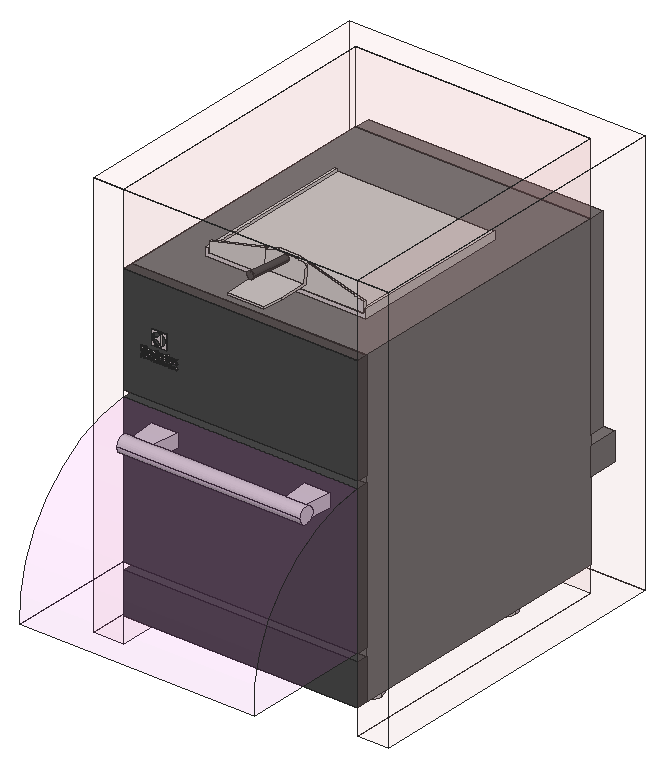
Revit family "QF_ELECTROLUXPROFESSIONAL_603952_EPRPROBTD", category Specialty Equipment, Revit 2018
Family settings
  Round Connector Dimension = Use Diameter
  Part Type = Normal
  Work Plane-Based = No
  Always vertical = Yes
  Cut with Voids When Loaded = No
  Shared = No
  Room Calculation Point = No
Parameters (values of type "Standard")
  Weight = 86.00 kg
  Watts = 0 W
  Volts = 380 V
  URL Manufacturer = "https://www.electroluxprofessional.com/"
  URL = "https://www.electroluxprofessional.com/"
  Steam Supply Size = 0 mm
  Steam Supply Minimum Pressure = 0.0 Pa
  Steam Supply Maximum Pressure = 0.0 Pa
  Steam Pounds per Hour = 0
  Show Logo [instance] = yes
  Show Clearance [instance] = yes
  Refrigeration Suction Line Size = 0 mm
  Refrigeration Liquid Line Size = 0 mm
  Refrigerant Compressor Remote = yes
  Manufacturer = "Electrolux Professional"
  Phase = 3
  Model = "EPRPROBTD"
  Length Actual = 460 mm  # constant formula
  Item Number = "603952"
  Hot Water Size = 0 mm
  Height Actual = 660 mm  # constant formula
  HP = "7.8 HP"
  Gas Size = 0 mm
  Gas KW = 0
  Gas Input Pressure = 0 W
  Direct Waste Size = 0 mm
  Description = "GOURMEXPRESS HIGH SPEED OVEN 380-415V 3N 50 Hz - BLACK"
  Depth Actual = 710 mm  # constant formula
  Cycle = 50 Hz
  Condensate Return Size = 0 mm
  Compressed Air Volume = 0.0 L/s
  Compressed Air Size = 0 mm
  Compressed Air Pressure = 0.0 Pa
  Cold Water Size = 0 mm
  Accessory = yes
Reference planes
  plane 1 "Center X": y = 418.851
  plane 2: z = 0
  plane 3 "Center Y": x = 103.5
  plane 4 "BACK": y = 703.851
  plane 5 "FRONT": y = 133.851
  plane 6: z = 629
  plane 7 "TOP": z = 1239
  plane 8: y = -121.149
  plane 9 "RIGHT": x = 333.5
  plane 10 "LEFT": x = -126.5
  plane 11: x = -56.5
  plane 12: x = 263.5
  plane 13: y = 583.851
  plane 14: y = 253.851
  plane 15: z = 578
Forms (mm)
  Extrusion 1, solid, material "QF_Finishes_Dark Gray"
    sketch origin (0, 0, 578) x (1, 0, 0) y (0, 1, 0)
      loop
        line (-126.5, 703.851) -> (-126.5, 155.851) -> (333.5, 155.851) -> (333.5, 703.851) -> (-126.5, 703.851)
    from 51 to 661
  Extrusion 2, solid, material "QF_Finishes_Black"
    sketch origin (0, 0, 578) x (1, 0, 0) y (0, 1, 0)
      loop
        line (-126.5, 155.851) -> (-126.5, 133.851) -> (333.5, 133.851) -> (333.5, 155.851) -> (-126.5, 155.851)
    from 51 to 131
  Extrusion 3, solid, material "QF_Finishes_Black"
    sketch origin (0, 0, 673) x (1, 0, 0) y (0, 1, 0)
      loop
        line (-126.5, 155.851) -> (-126.5, 133.851) -> (333.5, 133.851) -> (333.5, 155.851) -> (-126.5, 155.851)
    from 51 to 341
  Extrusion 4, solid, material "QF_Finishes_Black"
    sketch origin (0, 0, 976) x (1, 0, 0) y (0, 1, 0)
      loop
        line (-126.5, 155.851) -> (-126.5, 133.851) -> (333.5, 133.851) -> (333.5, 155.851) -> (-126.5, 155.851)
    from 51 to 263
  Extrusion 5, solid, material "QF_Finishes_Dark Gray"
    sketch origin (-126.5, 0, 578) x (0, 1, 0) y (0, 0, 1)
      loop
        line (703.851, 661) -> (703.851, 281) -> (733.851, 281) -> (733.851, 661) -> (703.851, 661)
    from 0 to 460
  Extrusion 6, solid, material "QF_Finishes_Dark Gray"
    sketch origin (-126.5, 0, 578) x (0, 1, 0) y (0, 0, 1)
      loop
        line (703.851, 261) -> (703.851, 207) -> (763.851, 207) -> (763.851, 261) -> (703.851, 261)
    from 0 to 460
  Extrusion 7, solid, material "QF_Finishes_Dark Gray"
    sketch origin (-126.5, 703.851, 578) x (1, 0, 0) y (0, 0, -1)
      loop
        circle (230, -111) r 10
    from 0 to 10
  Extrusion 8, solid, material "QF_Finishes_Stainless Steel"
    sketch origin (-126.5, 15, 578) x (0, 1, 0) y (0, 0, 1)
      loop
        circle (53.851, 400) r 15
    from 50 to 410
  Extrusion 9, solid, material "QF_Finishes_Stainless Steel"
    sketch origin (0, 0, 578) x (1, 0, 0) y (0, 1, 0)
      loop
        line (-71.5, 133.851) -> (-64.668, 68.851) -> (-28.332, 68.851) -> (-21.5, 133.851) -> (-71.5, 133.851)
    from 382.4 to 410.034
  Extrusion 10, solid, material "QF_Finishes_Stainless Steel"
    sketch origin (207, 0, 578) x (-1, 0, 0) y (0, -1, 0)
      loop
        line (-71.5, -133.851) -> (-21.5, -133.851) -> (-28.332, -68.851) -> (-64.668, -68.851) -> (-71.5, -133.851)
    from 382.4 to 410.034
  Extrusion 11, solid, material "QF_Finishes_Stainless Steel"
    sketch origin (313.5, 559.851, 708) x (-1, 0, 0) y (0, 0, -1)
      loop
        line (367.5, -531) -> (52.5, -531) -> (52.5, -548) -> (57.5, -548) -> (57.5, -538) -> (362.5, -538) -> (362.5, -548) -> (367.5, -548) -> (367.5, -531)
    from 0 to 316
  Extrusion 12, solid, material "QF_Finishes_Stainless Steel"
    sketch origin (313.5, 192.398, 710.47) x (-1, 0, 0) y (0, -0.095638, -0.995416)
      loop
        line (362, -538.979) -> (58, -538.979) -> (58, -558.12) -> (191.039, -590.161) -> (228.961, -590.161) -> (362, -558.12) -> (362, -538.979)
    from 0 to -5
  Extrusion 13, solid, material "QF_Finishes_Stainless Steel"
    sketch origin (313.5, 192.398, 710.466) x (-1, 0, 0) y (0, -0.095638, -0.995416)
      loop
        line (228.961, -590.164) -> (248.405, -585.482) -> (248.405, -549.816) -> (171.595, -549.816) -> (171.595, -585.482) -> (191.039, -590.164) -> (228.961, -590.164)
    from 0 to 5
  Extrusion 14, solid, material "QF_Finishes_Stainless Steel"
    sketch origin (0, 1.059, 1239.429) x (1, 0, 0) y (0, 1, 0)
      loop
        line (65.095, 244.787) -> (65.095, 183.851) -> (68.512, 144.792) -> (138.488, 144.792) -> (141.905, 183.851) -> (141.905, 244.787) -> (65.095, 244.787)
    from 17.834 to 20.834
  Extrusion 15, solid, material "QF_Finishes_Black"
    sketch origin (313.5, 187.421, 710.944) x (-1, 0, 0) y (0, -0.095638, -0.995416)
      loop
        circle (210, -582.028) r 6.6
    from 0 to 86.671
  Extrusion 16, solid, material "QF_Door-Drawer Clearances", visible <- "Show Clearance"
    sketch origin (-126.5, 0, 0) x (0, 1, 0) y (0, 0, 1)
      loop
        line (133.851, 724) -> (133.851, 1014)
        arc (133.851, 1014) -> (-53.454, 921.587) -> (-121.149, 724) r 273.889
        line (-121.149, 724) -> (133.851, 724)
    from 0 to 460
  Extrusion 17, solid, material "QF_Clearances", visible <- "Show Clearance"
    sketch origin (0, 0, 1239) x (1, 0, 0) y (0, 1, 0)
      loop
        line (-126.5, 703.851) -> (333.5, 703.851) -> (333.5, 133.851) -> (393.5, 133.851) -> (393.5, 763.851) -> (-186.5, 763.851) -> (-186.5, 133.851) -> (-126.5, 133.851) -> (-126.5, 703.851)
    from -661 to 140
  Extrusion 18, solid, material "QF_Clearances", visible <- "Show Clearance"
    sketch origin (0, 0, 1239) x (1, 0, 0) y (0, 1, 0)
      loop
        line (-126.5, 703.851) -> (-126.5, 133.851) -> (333.5, 133.851) -> (333.5, 703.851) -> (-126.5, 703.851)
    from 0 to 140
  Extrusion 19, solid, material "QF_Finishes_Stainless Steel"
    sketch origin (313.5, 429.285, 708) x (-1, 0, 0) y (0, 0, -1)
      loop
        line (362, -543.5) -> (362, -538.5) -> (58, -538.5) -> (58, -543.5) -> (362, -543.5)
    from -130.566 to 180.363
Cuts and joins
  joined: Extrusion 8, Extrusion 9, Extrusion 10
  joined: Extrusion 12, Extrusion 13, Extrusion 14, Extrusion 19
Lines and regions (mm)
  Split face 1
    outline origin (365.185, 133.851, 976) x (-1, 0, 0) y (0, 0, -1)
      loop
        line (491.685, -81) -> (363.685, -81) -> (351.685, -69) -> (171.685, -69) -> (159.685, -81) -> (31.685, -81)
  Split face 2
    outline origin (365.185, 133.851, 976) x (-1, 0, 0) y (0, 0, -1)
      loop
        line (316.685, -185) -> (316.685, -119) -> (206.685, -119) -> (206.685, -185) -> (316.685, -185)
  Split face 3
    outline origin (365.185, 133.851, 976) x (-1, 0, 0) y (0, 0, -1)
      loop
        circle (101.685, -153.968) r 15
  symbolic lines
    curve 1: line (-126.5, 703.851, 1239) -> (333.5, 703.851, 1239)
    curve 2: line (-126.5, 133.851, 1239) -> (-126.5, 703.851, 1239)
    curve 3: line (333.5, 133.851, 1239) -> (-126.5, 133.851, 1239)
    curve 4: line (333.5, 703.851, 1239) -> (333.5, 133.851, 1239)
    curve 5: line (-54, 559.851, 1239) -> (261, 559.851, 1239)
    curve 6: line (-54, 243.851, 1239) -> (-54, 559.851, 1239)
    curve 7: line (261, 243.851, 1239) -> (141.905, 243.851, 1239)
    curve 8: line (261, 559.851, 1239) -> (261, 243.851, 1239)
    curve 9: line (65.095, 248.392, 1239) -> (65.095, 184.91, 1239)
    curve 10: line (65.095, 184.91, 1239) -> (68.512, 145.851, 1239)
    curve 11: line (138.488, 145.851, 1239) -> (141.905, 184.91, 1239)
    curve 12: line (141.905, 184.91, 1239) -> (141.905, 248.392, 1239)
    curve 13: spline (110.1, 156.811, 1239) -> (109.875, 156.974, 1239) -> (109.216, 157.126, 1239) -> (108.167, 157.257, 1239) -> (106.8, 157.357, 1239) -> (105.208, 157.42, 1239) -> (103.5, 157.442, 1239) -> (101.792, 157.42, 1239) -> (100.2, 157.357, 1239) -> (98.833, 157.257, 1239) -> (97.784, 157.126, 1239) -> (97.125, 156.974, 1239) -> (96.9, 156.811, 1239)
    curve 14: spline (96.9, 156.811, 1239) -> (97.125, 156.647, 1239) -> (97.784, 156.495, 1239) -> (98.833, 156.364, 1239) -> (100.2, 156.264, 1239) -> (101.792, 156.201, 1239) -> (103.5, 156.18, 1239) -> (105.208, 156.201, 1239) -> (106.8, 156.264, 1239) -> (108.167, 156.364, 1239) -> (109.216, 156.495, 1239) -> (109.875, 156.647, 1239) -> (110.1, 156.811, 1239)
    curve 15: line (96.9, 156.811, 1239) -> (96.9, 243.084, 1239)
    curve 16: spline (96.9, 243.084, 1239) -> (97.125, 243.248, 1239) -> (97.784, 243.4, 1239) -> (98.833, 243.531, 1239) -> (100.2, 243.631, 1239) -> (101.792, 243.694, 1239) -> (103.5, 243.715, 1239) -> (105.208, 243.694, 1239) -> (106.8, 243.631, 1239) -> (108.167, 243.531, 1239) -> (109.216, 243.4, 1239) -> (109.875, 243.248, 1239) -> (110.1, 243.084, 1239)
    curve 17: line (110.1, 156.811, 1239) -> (110.1, 243.084, 1239)
    curve 18: line (-27.16, 80.001, 1239) -> (-21.5, 133.851, 1239)
    curve 19: line (-71.5, 133.851, 1239) -> (-65.84, 80.001, 1239)
    curve 20: line (-76.5, 83.851, 1239) -> (-66.245, 83.851, 1239)
    curve 21: line (-76.5, 53.851, 1239) -> (-76.5, 83.851, 1239)
    curve 22: line (283.5, 53.851, 1239) -> (-76.5, 53.851, 1239)
    curve 23: line (283.5, 83.851, 1239) -> (283.5, 53.851, 1239)
    curve 24: line (228.5, 133.851, 1239) -> (234.16, 80.001, 1239)
    curve 25: line (272.84, 80.001, 1239) -> (278.5, 133.851, 1239)
    curve 34: line (-126.5, 703.851, 1239) -> (-126.5, 733.851, 1239)
    curve 35: line (-126.5, 733.851, 1239) -> (333.5, 733.851, 1239)
    curve 36: line (333.5, 733.851, 1239) -> (333.5, 703.851, 1239)
    curve 37: line (-126.5, 733.851, 1239) -> (-126.5, 763.851, 1239)
    curve 38: line (333.5, 763.851, 1239) -> (333.5, 733.851, 1239)
    curve 39: line (-126.5, 763.851, 0) -> (333.5, 763.851, 0)
    curve 40: line (68.512, 145.851, 1239) -> (138.488, 145.851, 1239)
    curve 41: line (-26.755, 83.851, 1239) -> (233.755, 83.851, 1239)
    curve 42: line (273.245, 83.851, 1239) -> (283.5, 83.851, 1239)
    curve 43: line (234.16, 80.001, 1239) -> (272.84, 80.001, 1239)
    curve 44: line (-65.84, 80.001, 1239) -> (-27.16, 80.001, 1239)
    curve 45: spline (96.9, 243.085, 1239) -> (97.125, 243.248, 1239) -> (97.784, 243.4, 1239) -> (98.833, 243.531, 1239) -> (100.2, 243.631, 1239) -> (101.792, 243.694, 1239) -> (103.5, 243.716, 1239) -> (105.208, 243.694, 1239) -> (106.8, 243.631, 1239) -> (108.167, 243.531, 1239) -> (109.216, 243.4, 1239) -> (109.875, 243.248, 1239) -> (110.1, 243.085, 1239)
    curve 46: line (84.539, 253.817, 1239) -> (84.539, 243.863, 1239)
    curve 47: line (122.461, 243.863, 1239) -> (122.461, 253.817, 1239)
    curve 48: line (122.461, 253.817, 1239) -> (255.5, 250.752, 1239)
    curve 49: line (256, 559.851, 1239) -> (256, 243.851, 1239)
    curve 50: line (255.5, 243.851, 1239) -> (255.5, 559.851, 1239)
    curve 51: line (-48.5, 559.851, 1239) -> (-48.5, 243.851, 1239)
    curve 52: line (-49, 243.851, 1239) -> (-49, 559.851, 1239)
    curve 53: line (141.905, 248.392, 1239) -> (255.5, 245.775, 1239)
    curve 54: line (141.905, 240.198, 1239) -> (110.1, 240.198, 1239)
    curve 55: line (141.905, 243.415, 1239) -> (122.461, 243.863, 1239)
    curve 56: line (84.539, 243.863, 1239) -> (65.095, 243.415, 1239)
    curve 57: line (-48.5, 245.775, 1239) -> (65.095, 248.392, 1239)
    curve 58: line (-48.5, 250.752, 1239) -> (84.539, 253.817, 1239)
    curve 59: line (84.539, 253.817, 1239) -> (122.461, 253.817, 1239)
    curve 60: line (122.461, 243.863, 1239) -> (84.539, 243.863, 1239)
    curve 61: line (65.095, 243.851, 1239) -> (-54, 243.851, 1239)
    curve 62: line (96.9, 240.198, 1239) -> (65.095, 240.198, 1239)
  symbolic lines, style "QF_Door-Drawer Clearances"
    curve 26: line (-126.5, 133.851, 1239) -> (-126.5, -121.149, 1239)
    curve 27: line (-126.5, -121.149, 1239) -> (333.5, -121.149, 1239)
    curve 28: line (333.5, -121.149, 1239) -> (333.5, 133.851, 1239)
  symbolic lines, style "QF_Clearances"
    curve 29: line (-186.5, 763.851, 1239) -> (-126.5, 763.851, 1239)
    curve 30: line (393.5, 763.851, 1239) -> (393.5, 133.851, 1239)
    curve 31: line (393.5, 133.851, 1239) -> (333.5, 133.851, 1239)
    curve 32: line (-126.5, 133.851, 1239) -> (-186.5, 133.851, 1239)
    curve 33: line (-186.5, 133.851, 1239) -> (-186.5, 763.851, 1239)
    curve 63: line (333.5, 763.851, 1239) -> (393.5, 763.851, 1239)
Dimensions and locks
  plane 4 "BACK" to plane 5 "FRONT" = 570 mm
  equal spacing: plane 4 "BACK", plane 1 "Center X", plane 5 "FRONT"
  equal spacing: plane 10 "LEFT", plane 3 "Center Y", plane 9 "RIGHT"
  plane 10 "LEFT" to plane 9 "RIGHT" = 460 mm
  plane 5 "FRONT" to plane 8 = 255 mm
  plane 6 to plane 15 = 51 mm
  plane 7 "TOP" to plane 6 = 610 mm
  plane 11 to plane 12 = 320 mm
  plane 13 to plane 14 = 330 mm  (x2)
  plane 15 to level = 578 mm
  aligned and locked: level to plane 2
  aligned and locked: plane 12 to nested 2
  aligned and locked: plane 12 to nested 3
  aligned and locked: plane 11 to nested 1
  aligned and locked: plane 11 to nested 4
  aligned and locked: nested 4 to plane 13
  aligned and locked: nested 3 to plane 13
  aligned and locked: nested 1 to plane 14
  aligned and locked: nested 2 to plane 14
  aligned and locked: Extrusion 1 sketch curve to plane 4 "BACK"
  aligned and locked: plane 10 "LEFT" to Extrusion 1 sketch curve
  aligned and locked: Extrusion 1 sketch curve to plane 9 "RIGHT"
  aligned and locked: Extrusion 1 to plane 6
  aligned and locked: plane 7 "TOP" to Extrusion 1
  aligned and locked: Extrusion 2 sketch curve to Extrusion 1  (x2)
  aligned and locked: plane 5 "FRONT" to Extrusion 2 sketch curve
  aligned and locked: Extrusion 2 sketch curve to plane 9 "RIGHT"
  aligned and locked: Extrusion 2 to plane 6
  aligned and locked: plane 7 "TOP" to Extrusion 4
  aligned and locked: plane 9 "RIGHT" to Extrusion 5
  aligned and locked: plane 9 "RIGHT" to Extrusion 16
Automatic sketch dimensions
  Extrusion 9 sketch curve to plane 5 "FRONT" = 0 mm
  Extrusion 9 sketch curve to plane 11 = 8.168 mm
  plane 11 to Extrusion 9 sketch curve = 28.168 mm
  plane 11 to Extrusion 9 sketch curve = 35 mm
  Extrusion 10 sketch curve to plane 5 "FRONT" = 0 mm
  Extrusion 10 sketch curve to plane 12 = 8.168 mm
  plane 12 to Extrusion 10 sketch curve = 28.168 mm
  plane 12 to Extrusion 10 sketch curve = 35 mm
  Extrusion 12 sketch curve to plane 12 = 8 mm
  plane 3 "Center Y" to Extrusion 12 sketch curve = 18.961 mm
  Extrusion 12 sketch curve to plane 3 "Center Y" = 18.961 mm
  plane 11 to Extrusion 12 sketch curve = 8 mm
  Extrusion 12 sketch curve to Extrusion 12 sketch curve = 32.04 mm  (x2)
  Extrusion 12 sketch curve to Extrusion 12 sketch curve = 19.141 mm
  Extrusion 13 sketch curve to Extrusion 12 = 0 mm  (x5)
  Extrusion 13 sketch curve to Extrusion 12 = 10.834 mm
  Extrusion 13 sketch curve to Extrusion 13 sketch curve = 19.444 mm  (x2)
  Extrusion 14 sketch curve to plane 14 = 8.005 mm
  Extrusion 14 sketch curve to plane 3 "Center Y" = 38.405 mm
  plane 5 "FRONT" to Extrusion 14 sketch curve = 12 mm
  Extrusion 14 sketch curve to plane 3 "Center Y" = 34.988 mm
  plane 3 "Center Y" to Extrusion 14 sketch curve = 34.988 mm
  plane 3 "Center Y" to Extrusion 14 sketch curve = 38.405 mm
  Extrusion 15 sketch curve to Extrusion 13 = 8.137 mm
  Extrusion 15 sketch curve to Extrusion 13 = 38.405 mm
  Extrusion 9 sketch curve to plane 11 = 15 mm
  Extrusion 10 sketch curve to plane 12 = 15 mm
  Extrusion 9 sketch curve to plane 5 "FRONT" = 65 mm
  plane 5 "FRONT" to Extrusion 10 sketch curve = 65 mm
  plane 5 "FRONT" to Extrusion 1 sketch curve = 22 mm
  Extrusion 14 sketch curve to Extrusion 14 sketch curve = 39.059 mm  (x2)
  curve 39 to plane 10 "LEFT" = 0 mm
  curve 39 to plane 9 "RIGHT" = 0 mm
  plane 4 "BACK" to curve 39 = 60 mm
  Extrusion 3 sketch curve to plane 5 "FRONT" = 0 mm
  Extrusion 3 sketch curve to plane 10 "LEFT" = 0 mm
  Extrusion 3 sketch curve to plane 9 "RIGHT" = 0 mm
  plane 5 "FRONT" to Extrusion 3 sketch curve = 22 mm
  Extrusion 4 sketch curve to plane 5 "FRONT" = 0 mm
  Extrusion 4 sketch curve to plane 10 "LEFT" = 0 mm
  Extrusion 4 sketch curve to plane 9 "RIGHT" = 0 mm
  plane 5 "FRONT" to Extrusion 4 sketch curve = 22 mm
  Split face 1 sketch curve to Extrusion 4 = 0 mm
  Extrusion 4 to Split face 1 sketch curve = 0 mm
  Split face 1 sketch curve to Extrusion 4 = 30 mm
  Split face 1 sketch curve to Split face 1 sketch curve = 128 mm
  Split face 1 sketch curve to Split face 1 sketch curve = 12 mm  (x3)
  Split face 1 sketch curve to Extrusion 4 = 18 mm
  Split face 1 sketch curve to Extrusion 4 = 140 mm
  Split face 2 sketch curve to Extrusion 4 = 78 mm
  Split face 2 sketch curve to Extrusion 4 = 175 mm
  Split face 2 sketch curve to Split face 2 sketch curve = 110 mm
  Split face 2 sketch curve to Split face 2 sketch curve = 66 mm
  Split face 3 sketch curve to Extrusion 4 = 70 mm
  Split face 3 sketch curve to Extrusion 4 = 102.968 mm
  Extrusion 5 sketch curve to plane 4 "BACK" = 0 mm
  Extrusion 5 sketch curve to plane 7 "TOP" = 0 mm
  plane 4 "BACK" to Extrusion 5 sketch curve = 30 mm
  plane 6 to Extrusion 5 sketch curve = 230 mm
  Extrusion 6 sketch curve to plane 4 "BACK" = 0 mm
  plane 4 "BACK" to Extrusion 6 sketch curve = 60 mm
  plane 6 to Extrusion 6 sketch curve = 156 mm
  Extrusion 6 sketch curve to Extrusion 6 sketch curve = 54 mm
  Extrusion 1 to Extrusion 7 sketch curve = 60 mm
  Extrusion 7 sketch curve to Extrusion 1 = 230 mm
  Extrusion 8 sketch curve to plane 5 "FRONT" = 65 mm
  Extrusion 8 sketch curve to plane 7 "TOP" = 261 mm
  Extrusion 11 sketch curve to plane 7 "TOP" = 0 mm
  Extrusion 11 sketch curve to plane 12 = 2.5 mm
  Extrusion 11 sketch curve to plane 12 = 7.5 mm
  plane 11 to Extrusion 11 sketch curve = 7.5 mm
  plane 11 to Extrusion 11 sketch curve = 2.5 mm
  plane 7 "TOP" to Extrusion 11 sketch curve = 7 mm
  Extrusion 11 sketch curve to Extrusion 11 sketch curve = 10 mm  (x2)
  Extrusion 16 sketch curve to plane 8 = 0 mm
  Extrusion 16 sketch curve to plane 5 "FRONT" = 0 mm
  plane 5 "FRONT" to Extrusion 16 sketch curve = 18.377 mm
  plane 6 to Extrusion 16 sketch curve = 95 mm
  Extrusion 16 sketch curve to Extrusion 16 sketch curve = 16.729 mm
  Extrusion 17 sketch curve to Extrusion 1 = 0 mm  (x3)
  Extrusion 1 to Extrusion 17 sketch curve = 22 mm  (x2)
  Extrusion 1 to Extrusion 17 sketch curve = 60 mm  (x3)
  Extrusion 18 sketch curve to Extrusion 1 = 0 mm  (x3)
  Extrusion 1 to Extrusion 18 sketch curve = 22 mm
  Extrusion 19 sketch curve to plane 12 = 8 mm
  plane 11 to Extrusion 19 sketch curve = 8 mm
  plane 7 "TOP" to Extrusion 19 sketch curve = 12.5 mm
  Extrusion 19 sketch curve to Extrusion 19 sketch curve = 5 mm
  curve 37 to Extrusion 1 = 0 mm
  curve 4 to Extrusion 1 = 0 mm  (x2)
  Extrusion 1 to curve 33 = 22 mm
  Extrusion 1 to curve 33 = 60 mm  (x2)
  curve 20 to Extrusion 1 = 50 mm
  curve 20 to curve 19 = 10.66 mm
  curve 6 to Extrusion 1 = 72.5 mm
  curve 19 to curve 18 = 38.68 mm
  curve 6 to curve 9 = 119.095 mm
  Extrusion 1 to curve 40 = 10 mm
  curve 9 to curve 40 = 3.417 mm
  curve 9 to curve 46 = 19.444 mm
  curve 46 to curve 15 = 12.361 mm
  curve 17 to Extrusion 1 = 0.96 mm
  curve 13 to curve 17 = 13.2 mm
  curve 55 to Extrusion 1 = 88.012 mm
  curve 16 to curve 55 = 12.361 mm
  curve 13 to curve 11 = 28.388 mm
  curve 53 to Extrusion 1 = 92.541 mm
  curve 47 to curve 53 = 19.444 mm
  curve 24 to Extrusion 1 = 99.34 mm
  curve 5 to Extrusion 1 = 72.5 mm
  curve 24 to curve 43 = 38.68 mm
  curve 25 to curve 42 = 10.66 mm
  curve 63 to curve 30 = 60 mm
  curve 21 to curve 19 = 50 mm
  curve 42 to curve 25 = 50 mm
  curve 43 to curve 42 = 3.85 mm
  curve 44 to curve 20 = 3.85 mm
  curve 21 to curve 19 = 26.15 mm
  curve 28 to curve 22 = 175 mm
  curve 10 to Extrusion 1 = 29.059 mm
  curve 11 to Extrusion 1 = 29.059 mm
  curve 17 to curve 47 = 0.779 mm
  curve 6 to Extrusion 1 = 88 mm
  curve 8 to Extrusion 1 = 88 mm
  curve 61 to curve 9 = 4.541 mm
  curve 47 to curve 47 = 9.954 mm
  curve 5 to Extrusion 1 = 144 mm
  Extrusion 1 to curve 38 = 30 mm
  Extrusion 1 to curve 30 = 60 mm
  curve 20 to curve 19 = 5 mm
  curve 5 to curve 52 = 5 mm
  curve 52 to curve 58 = 0.5 mm
  curve 18 to curve 41 = 0.405 mm
  curve 19 to curve 18 = 50 mm
  curve 45 to curve 15 = 0 mm
  curve 45 to curve 16 = 0 mm
  curve 24 to curve 24 = 5.66 mm
  curve 53 to curve 7 = 5.5 mm
  curve 50 to curve 49 = 0.5 mm
  curve 25 to curve 42 = 0.405 mm
  curve 62 to curve 61 = 3.653 mm
  curve 54 to curve 7 = 3.653 mm
  curve 15 to curve 45 = 0 mm
  curve 55 to curve 7 = 0.436 mm
  curve 56 to curve 61 = 0.436 mm
  curve 51 to curve 57 = 1.924 mm
  curve 50 to curve 53 = 1.924 mm
  curve 57 to curve 58 = 4.977 mm
  curve 53 to curve 48 = 4.977 mm
  radius of Extrusion 15 sketch curve = 6.6 mm
  radius of Split face 3 sketch curve = 15 mm
  radius of Extrusion 7 sketch curve = 10 mm
  radius of Extrusion 8 sketch curve = 15 mm
Nested families
  nested 1: "Foot_Complete" at (-56.5, 253.851, 578), type "Foot_Complete"
  nested 2: "Foot_Complete" at (263.5, 253.851, 578), type "Foot_Complete"
  nested 3: "Foot_Complete" at (263.5, 583.851, 578), type "Foot_Complete"
  nested 4: "Foot_Complete" at (-56.5, 583.851, 578), type "Foot_Complete"
  nested 5: "ELX_Logo_Professional" at (-56.5, 133.851, 1122.524) x (1, 0, 0) z (0, -1, 0), visible <- "Show Logo", type "ELX_Logo_Professional"
Connectors
  electrical at (103.5, 713.851, 689)
    settings: on Extrusion 7, index 1, voltage 0 V, apparent load 0 VA, apparent load phase1 0 VA, apparent load phase2 0 VA, apparent load phase3 0 VA, power factor 1, load classification "Altro", number of poles 1, system type 30, power factor state 1, is connector primary yes, connector utility no, sub classification motor no, connector description "Electrical"
Definition of nested family "Foot_Complete"
  Parameters (values of type "Foot_Complete")
    R = 25 mm
    H = 51 mm
  Reference planes
    plane 1 "Centro (Fronte/Retro)": y = 0
    plane 2: z = 0
    plane 3 "Centro (Sinistra/Destra)": x = 0
    plane 4: z = 51
  Forms (mm)
    Revolve 1, solid
      sketch origin (255.05, 0, 608.09) x (0, 0, 1) y (-1, 0, 0)
        loop
          line (-608.09, 255.05) -> (-608.09, 235.05) -> (-597.09, 235.05) -> (-597.09, 230.05) -> (-557.09, 230.05) -> (-557.09, 255.05) -> (-608.09, 255.05)
        axis (-608.09, 255.05) -> (-557.09, 255.05)
      angle from 0 to 360
  Dimensions and locks
    level to Revolve 1 sketch curve = 11 mm
    "R": Revolve 1 sketch curve to plane 3 "Centro (Sinistra/Destra)"
    "H": plane 4 to level
    aligned and locked: level to plane 2
    aligned and locked: plane 4 to Revolve 1 sketch curve
    aligned and locked: Revolve 1 sketch curve to level
    aligned and locked: plane 3 "Centro (Sinistra/Destra)" to Revolve 1 sketch curve
  Automatic sketch dimensions
    Revolve 1 sketch curve to plane 3 "Centro (Sinistra/Destra)" = 0 mm
    Revolve 1 sketch curve to Revolve 1 sketch curve = 5 mm
    Revolve 1 sketch curve to Revolve 1 sketch curve = 50 mm
    Revolve 1 sketch curve to Revolve 1 sketch curve = 20 mm
Definition of nested family "ELX_Logo_Professional"
  Parameters (values of type "ELX_Logo_Professional")
    materiale = none
    Default Elevation = 0 mm
  Reference planes
    plane 1 "Centro (Fronte/Retro)": y = 0
    plane 2: z = 0
    plane 3 "Centro (Sinistra/Destra)": x = 0
  Forms (mm)
    Extrusion 1, solid
      sketch origin (0, 0, 0) x (1, 0, 0) y (0, 1, 0)
        loop
          line (-1219.2, 1219.2) -> (-1219.2, -1219.2) -> (1219.2, -1219.2) -> (1219.2, 1219.2) -> (-1219.2, 1219.2)
      from 0 to -304.8
    Extrusion 2, solid, material <- "materiale"
      sketch origin (-144.622, -1081.55, 0) x (-1, 0, 0) y (0, -1, 0)
        loop
          line (-130.265, -1113.361) -> (-130.265, -1084.645) -> (-158.979, -1084.645) -> (-158.979, -1113.361) -> (-130.265, -1113.361)
        loop
          arc (-146.24, -1106.937) -> (-147.076, -1109.166) -> (-147.324, -1111.534) r 9.395
          arc (-147.324, -1111.534) -> (-145.139, -1111.806) -> (-142.939, -1111.706) r 13.008
          line (-142.939, -1111.706) -> (-141.329, -1111.382) -> (-139.8, -1110.859) -> (-138.364, -1110.152) -> (-137.035, -1109.277) -> (-135.826, -1108.249) -> (-134.751, -1107.081) -> (-133.821, -1105.789) -> (-133.05, -1104.389) -> (-132.452, -1102.893) -> (-132.039, -1101.318) -> (-131.824, -1099.675) -> (-134.539, -1099.675) -> (-136.155, -1099.784) -> (-137.741, -1100.101) -> (-139.277, -1100.613) -> (-140.74, -1101.304) -> (-142.111, -1102.159) -> (-143.367, -1103.165) -> (-144.488, -1104.306) -> (-145.453, -1105.568) -> (-146.24, -1106.937)
        loop
          line (-148.67, -1086.844) -> (-150.173, -1087.464) -> (-151.57, -1088.253) -> (-152.847, -1089.196) -> (-153.992, -1090.281) -> (-154.994, -1091.494) -> (-155.841, -1092.821) -> (-156.519, -1094.25) -> (-157.018, -1095.766) -> (-157.324, -1097.357) -> (-157.427, -1099.009) -> (-157.315, -1100.685) -> (-156.998, -1102.296) -> (-156.488, -1103.827) -> (-155.799, -1105.265) -> (-154.946, -1106.596) -> (-153.94, -1107.806) -> (-152.796, -1108.882) -> (-151.528, -1109.81) -> (-150.148, -1110.576) -> (-148.67, -1111.167) -> (-148.67, -1086.844)
        loop
          arc (-147.323, -1086.473) -> (-147.041, -1088.83) -> (-146.239, -1091.065) r 10.532
          line (-146.239, -1091.065) -> (-145.452, -1092.432) -> (-144.488, -1093.693) -> (-143.367, -1094.833) -> (-142.111, -1095.838) -> (-140.741, -1096.693) -> (-139.278, -1097.383) -> (-137.743, -1097.894) -> (-136.157, -1098.211) -> (-134.541, -1098.32) -> (-131.822, -1098.32) -> (-131.976, -1096.81) -> (-132.312, -1095.353) -> (-132.818, -1093.961) -> (-133.481, -1092.644) -> (-134.291, -1091.416) -> (-135.235, -1090.288) -> (-136.302, -1089.272) -> (-137.48, -1088.379) -> (-138.757, -1087.622) -> (-140.121, -1087.012) -> (-141.56, -1086.561) -> (-143.063, -1086.281) -> (-144.633, -1086.183)
          arc (-144.633, -1086.183) -> (-145.985, -1086.264) -> (-147.323, -1086.473) r 14.39
        loop
          line (-111.329, -1069.559) -> (-111.329, -1071.073) -> (-116.048, -1071.073) -> (-116.048, -1072.896) -> (-111.328, -1072.896) -> (-111.328, -1075.549) -> (-116.349, -1075.549) -> (-116.349, -1077.368) -> (-109.396, -1077.368) -> (-109.396, -1073.46) -> (-109.396, -1069.659)
          arc (-109.396, -1069.659) -> (-110.425, -1067.175) -> (-112.909, -1066.146) r 3.513
          line (-112.909, -1066.146) -> (-116.483, -1066.146) -> (-116.483, -1067.963) -> (-112.925, -1067.963)
          arc (-112.925, -1067.963) -> (-111.797, -1068.431) -> (-111.329, -1069.559) r 1.596
        loop
          line (-119.79, -1077.358) -> (-117.856, -1077.358) -> (-117.856, -1072.053) -> (-117.856, -1066.132) -> (-119.79, -1066.132) -> (-119.79, -1072.092) -> (-119.79, -1077.358)
        loop
          line (-122.986, -1069.718) -> (-129.327, -1069.718)
          arc (-129.327, -1069.718) -> (-129.219, -1071.449) -> (-128.497, -1073.026) r 4.757
          arc (-128.497, -1073.026) -> (-125.237, -1074.5) -> (-121.978, -1073.026) r 4.34
          arc (-121.978, -1073.026) -> (-121.072, -1070.207) -> (-121.978, -1067.388) r 4.838
          arc (-121.978, -1067.388) -> (-125.393, -1065.933) -> (-128.809, -1067.388) r 4.737
          line (-128.809, -1067.388) -> (-127.645, -1068.52)
          arc (-127.645, -1068.52) -> (-125.509, -1067.576) -> (-123.374, -1068.52) r 2.888
          arc (-123.374, -1068.52) -> (-123.05, -1069.077) -> (-122.986, -1069.718) r 1.527
        loop
          arc (-127.386, -1071.076) -> (-126.67, -1072.331) -> (-125.331, -1072.872) r 2.201
          arc (-125.331, -1072.872) -> (-123.848, -1072.402) -> (-123.033, -1071.076) r 2.23
          line (-123.033, -1071.076) -> (-127.386, -1071.076)
        loop
          line (-136.862, -1071.886) -> (-138.059, -1073.132)
          arc (-138.059, -1073.132) -> (-130.327, -1070.219) -> (-138.059, -1067.306) r 4.415
          line (-138.059, -1067.306) -> (-136.862, -1068.553)
          arc (-136.862, -1068.553) -> (-132.252, -1070.22) -> (-136.862, -1071.886) r 2.606
        loop
          line (-141.192, -1069.673) -> (-141.192, -1072.494) -> (-142.951, -1072.494) -> (-142.951, -1074.25) -> (-141.195, -1074.25) -> (-141.195, -1077.358) -> (-139.262, -1077.358) -> (-139.262, -1073.332) -> (-139.262, -1069.514)
          arc (-139.262, -1069.514) -> (-140.299, -1066.92) -> (-142.98, -1066.132) r 3.196
          line (-142.98, -1066.132) -> (-142.987, -1067.949)
          arc (-142.987, -1067.949) -> (-141.652, -1068.356) -> (-141.192, -1069.673) r 1.542
        loop
          line (-146.494, -1073.042) -> (-146.494, -1074.25) -> (-144.576, -1074.25) -> (-144.576, -1070.271) -> (-144.576, -1066.132) -> (-146.494, -1066.132) -> (-146.494, -1070.401)
          arc (-146.494, -1070.401) -> (-147.446, -1072.228) -> (-149.489, -1072.494) r 2.229
          line (-149.489, -1072.494) -> (-149.489, -1074.362)
          arc (-149.489, -1074.362) -> (-147.761, -1074.226) -> (-146.494, -1073.042) r 2.627
        loop
          line (-159.833, -1072.246) -> (-159.833, -1066.131) -> (-161.767, -1066.131) -> (-161.767, -1072.17) -> (-161.767, -1077.359) -> (-159.833, -1077.359) -> (-159.833, -1072.246)
        loop
          line (-165.194, -1069.514) -> (-165.194, -1074.25) -> (-163.245, -1074.25) -> (-163.245, -1071.898) -> (-163.245, -1069.098)
          arc (-163.245, -1069.098) -> (-166.96, -1065.769) -> (-170.687, -1069.085) r 3.745
          line (-170.687, -1069.085) -> (-170.687, -1071.898) -> (-170.687, -1074.25) -> (-168.739, -1074.25) -> (-168.739, -1069.514)
          arc (-168.739, -1069.514) -> (-166.967, -1067.742) -> (-165.194, -1069.514) r 1.772
        loop
          line (-174.654, -1070.416) -> (-172.975, -1068.078) -> (-171.578, -1066.131) -> (-173.656, -1066.131) -> (-175.717, -1068.999) -> (-177.779, -1066.131) -> (-179.857, -1066.131) -> (-178, -1068.728) -> (-176.781, -1070.433) -> (-178.29, -1072.488) -> (-179.583, -1074.25) -> (-177.473, -1074.25) -> (-175.717, -1071.818) -> (-173.945, -1074.25) -> (-171.852, -1074.25) -> (-173.052, -1072.608) -> (-174.654, -1070.416)
        loop
          circle (-154.223, -1070.188) r 2.508
        loop
          circle (-154.223, -1070.188) r 4.42
        loop
          line (-110.224, -1058.542) -> (-111.194, -1058.542)
          arc (-111.194, -1058.542) -> (-112.217, -1059.95) -> (-110.924, -1061.114) r 1.3
          line (-110.924, -1061.114) -> (-109.424, -1061.114) -> (-109.424, -1057.223) -> (-110.224, -1057.223) -> (-110.224, -1058.542)
        loop
          line (-110.224, -1060.379) -> (-110.224, -1059.293) -> (-111.03, -1059.293)
          arc (-111.03, -1059.293) -> (-111.43, -1059.836) -> (-111.03, -1060.379) r 0.569
          line (-111.03, -1060.379) -> (-110.224, -1060.379)
        loop
          line (-116.302, -1058.564) -> (-117.128, -1058.564) -> (-117.934, -1057.223) -> (-118.841, -1057.223) -> (-117.833, -1058.884)
          arc (-117.833, -1058.884) -> (-118.214, -1060.282) -> (-117.028, -1061.114) r 1.26
          line (-117.028, -1061.114) -> (-115.503, -1061.114) -> (-115.503, -1057.223) -> (-116.302, -1057.223) -> (-116.302, -1058.564)
        loop
          line (-116.302, -1060.379) -> (-116.302, -1059.293) -> (-117.109, -1059.293)
          arc (-117.109, -1059.293) -> (-117.508, -1059.836) -> (-117.109, -1060.379) r 0.569
          line (-117.109, -1060.379) -> (-116.302, -1060.379)
        loop
          line (-128.923, -1057.223) -> (-129.723, -1057.223) -> (-129.723, -1058.714) -> (-131.187, -1058.714) -> (-131.187, -1059.514) -> (-129.723, -1059.514) -> (-129.723, -1060.314) -> (-131.327, -1060.314) -> (-131.327, -1061.114) -> (-128.923, -1061.114) -> (-128.923, -1057.223)
        loop
          arc (-134.628, -1058.469) -> (-134.992, -1057.588) -> (-135.874, -1057.223) r 1.246
          line (-135.874, -1057.223) -> (-137.13, -1057.223) -> (-137.13, -1058.023) -> (-135.969, -1058.023)
          arc (-135.969, -1058.023) -> (-135.53, -1058.237) -> (-135.427, -1058.714) r 0.558
          line (-135.427, -1058.714) -> (-136.984, -1058.714) -> (-136.984, -1059.514) -> (-135.427, -1059.514) -> (-135.427, -1060.314) -> (-137.092, -1060.314) -> (-137.092, -1061.114) -> (-134.628, -1061.114) -> (-134.628, -1058.469)
        loop
          line (-152.3, -1057.223) -> (-153.1, -1057.223) -> (-153.1, -1061.114) -> (-152.3, -1061.114) -> (-152.3, -1057.223)
        loop
          line (-164.67, -1057.223) -> (-164.67, -1059.67) -> (-166.45, -1057.223) -> (-167.25, -1057.223) -> (-167.25, -1061.114) -> (-166.42, -1061.114) -> (-166.42, -1058.594) -> (-164.64, -1061.114) -> (-163.84, -1061.114) -> (-163.84, -1057.223) -> (-164.67, -1057.223)
        loop
          line (-170.403, -1057.223) -> (-171.262, -1057.223) -> (-171.641, -1058.063) -> (-173.08, -1058.063) -> (-173.459, -1057.223) -> (-174.317, -1057.223) -> (-172.796, -1061.113) -> (-171.996, -1061.113) -> (-170.403, -1057.223)
        loop
          line (-177.493, -1057.223) -> (-179.789, -1057.223) -> (-179.789, -1058.023) -> (-178.293, -1058.023) -> (-178.293, -1061.114) -> (-177.493, -1061.114) -> (-177.493, -1057.223)
        loop
          line (-172.362, -1059.848) -> (-171.945, -1058.83) -> (-172.76, -1058.83) -> (-172.362, -1059.848)
        loop
          circle (-158.484, -1059.145) r 1.288
        loop
          circle (-158.484, -1059.145) r 2.065
        loop
          arc (-146.04, -1058.095) -> (-146.933, -1057.275) -> (-148.145, -1057.245) r 1.725
          arc (-148.145, -1057.245) -> (-148.965, -1058.02) -> (-148.68, -1059.111) r 1.107
          arc (-148.68, -1059.111) -> (-148.103, -1059.465) -> (-147.486, -1059.746) r 5.523
          arc (-147.486, -1059.746) -> (-147.147, -1060.262) -> (-147.708, -1060.52) r 0.407
          arc (-147.708, -1060.52) -> (-148.045, -1060.315) -> (-148.325, -1060.038) r 1.702
          line (-148.325, -1060.038) -> (-149.011, -1060.45)
          arc (-149.011, -1060.45) -> (-148.578, -1060.911) -> (-148.043, -1061.247) r 2.463
          arc (-148.043, -1061.247) -> (-146.373, -1060.466) -> (-147.42, -1058.949) r 1.207
          spline (-147.42, -1058.949) -> (-147.716, -1058.809) -> (-147.932, -1058.678) -> (-148.077, -1058.557) -> (-148.163, -1058.446) -> (-148.198, -1058.347) -> (-148.192, -1058.258) -> (-148.157, -1058.182) -> (-148.102, -1058.118) -> (-148.037, -1058.068) -> (-147.972, -1058.031) -> (-147.917, -1058.008) -> (-147.883, -1058)
          arc (-147.883, -1058) -> (-147.238, -1058.014) -> (-146.759, -1058.446) r 0.925
          line (-146.759, -1058.446) -> (-146.04, -1058.095)
        loop
          arc (-140.18, -1058.095) -> (-141.073, -1057.275) -> (-142.285, -1057.245) r 1.725
          arc (-142.285, -1057.245) -> (-143.106, -1058.02) -> (-142.821, -1059.111) r 1.107
          arc (-142.821, -1059.111) -> (-142.243, -1059.465) -> (-141.627, -1059.746) r 5.523
          arc (-141.627, -1059.746) -> (-141.287, -1060.262) -> (-141.849, -1060.52) r 0.407
          arc (-141.849, -1060.52) -> (-142.185, -1060.315) -> (-142.466, -1060.038) r 1.702
          line (-142.466, -1060.038) -> (-143.151, -1060.45)
          arc (-143.151, -1060.45) -> (-142.719, -1060.911) -> (-142.183, -1061.247) r 2.463
          arc (-142.183, -1061.247) -> (-140.513, -1060.466) -> (-141.56, -1058.949) r 1.207
          spline (-141.56, -1058.949) -> (-141.856, -1058.809) -> (-142.072, -1058.678) -> (-142.218, -1058.557) -> (-142.303, -1058.446) -> (-142.338, -1058.347) -> (-142.333, -1058.258) -> (-142.298, -1058.182) -> (-142.242, -1058.118) -> (-142.177, -1058.068) -> (-142.112, -1058.031) -> (-142.057, -1058.008) -> (-142.023, -1058)
          arc (-142.023, -1058) -> (-141.378, -1058.014) -> (-140.9, -1058.446) r 0.925
          line (-140.9, -1058.446) -> (-140.18, -1058.095)
        loop
          circle (-123.484, -1059.145) r 1.288
        loop
          circle (-123.484, -1059.145) r 2.065
      from 0 to 1.6
  Lines and regions (mm)
    symbolic lines
      curve 1: line (-14.357, 31.811, 0) -> (14.357, 31.811, 0)
      curve 2: line (-14.357, 3.095, 0) -> (-14.357, 31.811, 0)
      curve 3: line (14.357, 3.095, 0) -> (-14.357, 3.095, 0)
      curve 4: line (14.357, 31.811, 0) -> (14.357, 3.095, 0)
      curve 5: line (-8.32, 7.722, 0) -> (-9.387, 8.738, 0)
      curve 6: line (-9.387, 8.738, 0) -> (-10.331, 9.866, 0)
      curve 7: line (-10.331, 9.866, 0) -> (-11.141, 11.095, 0)
      curve 8: line (-11.141, 11.095, 0) -> (-11.805, 12.411, 0)
      curve 9: line (-11.805, 12.411, 0) -> (-12.31, 13.803, 0)
      curve 10: line (-12.31, 13.803, 0) -> (-12.646, 15.26, 0)
      curve 11: line (-12.646, 15.26, 0) -> (-12.8, 16.77, 0)
      curve 12: line (-12.8, 16.77, 0) -> (-10.081, 16.77, 0)
      curve 13: line (-10.081, 16.77, 0) -> (-8.466, 16.661, 0)
      curve 14: line (-8.466, 16.661, 0) -> (-6.88, 16.344, 0)
      curve 15: line (-6.88, 16.344, 0) -> (-5.345, 15.833, 0)
      curve 16: line (-5.345, 15.833, 0) -> (-3.882, 15.143, 0)
      curve 17: line (-3.882, 15.143, 0) -> (-2.511, 14.288, 0)
      curve 18: line (-2.511, 14.288, 0) -> (-1.255, 13.283, 0)
      curve 19: line (-1.255, 13.283, 0) -> (-0.135, 12.143, 0)
      curve 20: line (-0.135, 12.143, 0) -> (0.83, 10.882, 0)
      curve 21: line (0.83, 10.882, 0) -> (1.616, 9.515, 0)
      curve 22: arc (1.616, 9.515, 0) -> (2.419, 7.28, 0) -> (2.7, 4.923, 0) r 10.532
      curve 23: arc (2.7, 4.923, 0) -> (1.362, 4.715, 0) -> (0.011, 4.633, 0) r 14.39
      curve 24: line (0.011, 4.633, 0) -> (-1.56, 4.731, 0)
      curve 25: line (-1.56, 4.731, 0) -> (-3.062, 5.011, 0)
      curve 26: line (-3.062, 5.011, 0) -> (-4.502, 5.462, 0)
      curve 27: line (-4.502, 5.462, 0) -> (-5.866, 6.072, 0)
      curve 28: line (-5.866, 6.072, 0) -> (-7.142, 6.829, 0)
      curve 29: line (-7.142, 6.829, 0) -> (-8.32, 7.722, 0)
      curve 30: line (-10.802, 24.24, 0) -> (-9.872, 25.531, 0)
      curve 31: line (-9.872, 25.531, 0) -> (-8.796, 26.699, 0)
      curve 32: line (-8.796, 26.699, 0) -> (-7.587, 27.728, 0)
      curve 33: line (-7.587, 27.728, 0) -> (-6.258, 28.602, 0)
      curve 34: line (-6.258, 28.602, 0) -> (-4.823, 29.309, 0)
      curve 35: line (-4.823, 29.309, 0) -> (-3.293, 29.832, 0)
      curve 36: line (-3.293, 29.832, 0) -> (-1.683, 30.156, 0)
      curve 37: arc (-1.683, 30.156, 0) -> (0.517, 30.256, 0) -> (2.702, 29.984, 0) r 13.008
      curve 38: arc (2.702, 29.984, 0) -> (2.453, 27.616, 0) -> (1.617, 25.387, 0) r 9.395
      curve 39: line (1.617, 25.387, 0) -> (0.83, 24.018, 0)
      curve 40: line (0.83, 24.018, 0) -> (-0.134, 22.756, 0)
      curve 41: line (-0.134, 22.756, 0) -> (-1.255, 21.615, 0)
      curve 42: line (-1.255, 21.615, 0) -> (-2.512, 20.609, 0)
      curve 43: line (-2.512, 20.609, 0) -> (-3.882, 19.754, 0)
      curve 44: line (-3.882, 19.754, 0) -> (-5.346, 19.063, 0)
      curve 45: line (-5.346, 19.063, 0) -> (-6.881, 18.551, 0)
      curve 46: line (-6.881, 18.551, 0) -> (-8.467, 18.234, 0)
      curve 47: line (-8.467, 18.234, 0) -> (-10.083, 18.125, 0)
      curve 48: line (-10.083, 18.125, 0) -> (-12.798, 18.125, 0)
      curve 49: line (-12.798, 18.125, 0) -> (-12.584, 19.768, 0)
      curve 50: line (-12.584, 19.768, 0) -> (-12.171, 21.343, 0)
      curve 51: line (-12.171, 21.343, 0) -> (-11.572, 22.839, 0)
      curve 52: line (-11.572, 22.839, 0) -> (-10.802, 24.24, 0)
      curve 53: line (4.048, 5.294, 0) -> (4.048, 29.617, 0)
      curve 54: line (4.048, 29.617, 0) -> (5.525, 29.026, 0)
      curve 55: line (5.525, 29.026, 0) -> (6.905, 28.26, 0)
      curve 56: line (6.905, 28.26, 0) -> (8.174, 27.332, 0)
      curve 57: line (8.174, 27.332, 0) -> (9.318, 26.256, 0)
      curve 58: line (9.318, 26.256, 0) -> (10.323, 25.046, 0)
      curve 59: line (10.323, 25.046, 0) -> (11.177, 23.715, 0)
      curve 60: line (11.177, 23.715, 0) -> (11.865, 22.277, 0)
      curve 61: line (11.865, 22.277, 0) -> (12.375, 20.746, 0)
      curve 62: line (12.375, 20.746, 0) -> (12.693, 19.135, 0)
      curve 63: line (12.693, 19.135, 0) -> (12.804, 17.459, 0)
      curve 64: line (12.804, 17.459, 0) -> (12.702, 15.807, 0)
      curve 65: line (12.702, 15.807, 0) -> (12.396, 14.216, 0)
      curve 66: line (12.396, 14.216, 0) -> (11.897, 12.7, 0)
      curve 67: line (11.897, 12.7, 0) -> (11.218, 11.271, 0)
      curve 68: line (11.218, 11.271, 0) -> (10.372, 9.944, 0)
      curve 69: line (10.372, 9.944, 0) -> (9.37, 8.731, 0)
      curve 70: line (9.37, 8.731, 0) -> (8.224, 7.646, 0)
      curve 71: line (8.224, 7.646, 0) -> (6.947, 6.703, 0)
      curve 72: line (6.947, 6.703, 0) -> (5.551, 5.914, 0)
      curve 73: line (5.551, 5.914, 0) -> (4.048, 5.294, 0)
      curve 74: line (-35.227, -8.09, 0) -> (-35.227, -11.891, 0)
      curve 75: arc (-35.227, -11.891, 0) -> (-34.198, -14.375, 0) -> (-31.714, -15.404, 0) r 3.513
      curve 76: line (-31.714, -15.404, 0) -> (-28.139, -15.404, 0)
      curve 77: line (-28.139, -15.404, 0) -> (-28.139, -13.587, 0)
      curve 78: line (-28.139, -13.587, 0) -> (-31.697, -13.587, 0)
      curve 79: arc (-31.697, -13.587, 0) -> (-32.826, -13.119, 0) -> (-33.293, -11.991, 0) r 1.596
      curve 80: line (-33.293, -11.991, 0) -> (-33.293, -10.477, 0)
      curve 81: line (-33.293, -10.477, 0) -> (-28.574, -10.477, 0)
      curve 82: line (-28.574, -10.477, 0) -> (-28.574, -8.654, 0)
      curve 83: line (-28.574, -8.654, 0) -> (-33.294, -8.654, 0)
      curve 84: line (-33.294, -8.654, 0) -> (-33.294, -6.001, 0)
      curve 85: line (-33.294, -6.001, 0) -> (-28.273, -6.001, 0)
      curve 86: line (-28.273, -6.001, 0) -> (-28.273, -4.182, 0)
      curve 87: line (-28.273, -4.182, 0) -> (-35.227, -4.182, 0)
      curve 88: line (-35.227, -4.182, 0) -> (-35.227, -8.09, 0)
      curve 89: line (-24.833, -9.458, 0) -> (-24.833, -4.192, 0)
      curve 90: line (-24.833, -4.192, 0) -> (-26.766, -4.192, 0)
      curve 91: line (-26.766, -4.192, 0) -> (-26.766, -9.497, 0)
      curve 92: line (-26.766, -9.497, 0) -> (-26.766, -15.418, 0)
      curve 93: line (-26.766, -15.418, 0) -> (-24.833, -15.418, 0)
      curve 94: line (-24.833, -15.418, 0) -> (-24.833, -9.458, 0)
      curve 95: arc (-16.125, -8.524, 0) -> (-19.385, -7.05, 0) -> (-22.645, -8.524, 0) r 4.34
      curve 96: arc (-22.645, -8.524, 0) -> (-23.551, -11.343, 0) -> (-22.645, -14.162, 0) r 4.838
      curve 97: arc (-22.645, -14.162, 0) -> (-19.229, -15.617, 0) -> (-15.813, -14.162, 0) r 4.737
      curve 98: line (-15.813, -14.162, 0) -> (-16.978, -13.03, 0)
      curve 99: arc (-16.978, -13.03, 0) -> (-19.113, -13.974, 0) -> (-21.249, -13.03, 0) r 2.888
      curve 100: arc (-21.249, -13.03, 0) -> (-21.572, -12.473, 0) -> (-21.637, -11.832, 0) r 1.527
      curve 101: line (-21.637, -11.832, 0) -> (-15.295, -11.832, 0)
      curve 102: arc (-15.295, -11.832, 0) -> (-15.404, -10.101, 0) -> (-16.125, -8.524, 0) r 4.757
      curve 103: line (-17.236, -10.474, 0) -> (-21.589, -10.474, 0)
      curve 104: arc (-21.589, -10.474, 0) -> (-20.774, -9.148, 0) -> (-19.291, -8.678, 0) r 2.23
      curve 105: arc (-19.291, -8.678, 0) -> (-17.952, -9.219, 0) -> (-17.236, -10.474, 0) r 2.201
      curve 106: arc (-6.563, -8.418, 0) -> (-14.295, -11.331, 0) -> (-6.563, -14.244, 0) r 4.415
      curve 107: line (-6.563, -14.244, 0) -> (-7.761, -12.997, 0)
      curve 108: arc (-7.761, -12.997, 0) -> (-12.371, -11.33, 0) -> (-7.761, -9.664, 0) r 2.606
      curve 109: line (-7.761, -9.664, 0) -> (-6.563, -8.418, 0)
      curve 110: line (-5.361, -4.192, 0) -> (-5.361, -8.218, 0)
      curve 111: line (-5.361, -8.218, 0) -> (-5.361, -12.036, 0)
      curve 112: arc (-5.361, -12.036, 0) -> (-4.323, -14.63, 0) -> (-1.642, -15.418, 0) r 3.196
      curve 113: line (-1.642, -15.418, 0) -> (-1.636, -13.601, 0)
      curve 114: arc (-1.636, -13.601, 0) -> (-2.97, -13.194, 0) -> (-3.43, -11.877, 0) r 1.542
      curve 115: line (-3.43, -11.877, 0) -> (-3.43, -9.056, 0)
      curve 116: line (-3.43, -9.056, 0) -> (-1.672, -9.056, 0)
      curve 117: line (-1.672, -9.056, 0) -> (-1.672, -7.299, 0)
      curve 118: line (-1.672, -7.299, 0) -> (-3.427, -7.299, 0)
      curve 119: line (-3.427, -7.299, 0) -> (-3.427, -4.192, 0)
      curve 120: line (-3.427, -4.192, 0) -> (-5.361, -4.192, 0)
      curve 121: line (1.872, -7.3, 0) -> (-0.046, -7.3, 0)
      curve 122: line (-0.046, -7.3, 0) -> (-0.046, -11.279, 0)
      curve 123: line (-0.046, -11.279, 0) -> (-0.046, -15.418, 0)
      curve 124: line (-0.046, -15.418, 0) -> (1.872, -15.418, 0)
      curve 125: line (1.872, -15.418, 0) -> (1.872, -11.149, 0)
      curve 126: arc (1.872, -11.149, 0) -> (2.824, -9.322, 0) -> (4.867, -9.056, 0) r 2.229
      curve 127: line (4.867, -9.056, 0) -> (4.867, -7.188, 0)
      curve 128: arc (4.867, -7.188, 0) -> (3.138, -7.324, 0) -> (1.872, -8.508, 0) r 2.627
      curve 129: line (1.872, -8.508, 0) -> (1.872, -7.3, 0)
      curve 130: arc (7.092, -11.362, 0) -> (9.601, -8.854, 0) -> (12.109, -11.362, 0) r 2.508
      curve 131: arc (12.109, -11.362, 0) -> (9.601, -13.871, 0) -> (7.092, -11.362, 0) r 2.508
      curve 132: arc (5.18, -11.362, 0) -> (9.601, -15.783, 0) -> (14.021, -11.362, 0) r 4.42
      curve 133: arc (14.021, -11.362, 0) -> (9.601, -6.942, 0) -> (5.18, -11.362, 0) r 4.42
      curve 134: line (15.211, -4.191, 0) -> (15.211, -9.304, 0)
      curve 135: line (15.211, -9.304, 0) -> (15.211, -15.419, 0)
      curve 136: line (15.211, -15.419, 0) -> (17.145, -15.419, 0)
      curve 137: line (17.145, -15.419, 0) -> (17.145, -9.38, 0)
      curve 138: line (17.145, -9.38, 0) -> (17.145, -4.191, 0)
      curve 139: line (17.145, -4.191, 0) -> (15.211, -4.191, 0)
      curve 140: line (18.622, -7.299, 0) -> (18.622, -9.652, 0)
      curve 141: line (18.622, -9.652, 0) -> (18.622, -12.452, 0)
      curve 142: arc (18.622, -12.452, 0) -> (22.338, -15.781, 0) -> (26.064, -12.465, 0) r 3.745
      curve 143: line (26.064, -12.465, 0) -> (26.064, -9.652, 0)
      curve 144: line (26.064, -9.652, 0) -> (26.064, -7.299, 0)
      curve 145: line (26.064, -7.299, 0) -> (24.116, -7.299, 0)
      curve 146: line (24.116, -7.299, 0) -> (24.116, -12.036, 0)
      curve 147: arc (24.116, -12.036, 0) -> (22.344, -13.808, 0) -> (20.572, -12.036, 0) r 1.772
      curve 148: line (20.572, -12.036, 0) -> (20.572, -7.299, 0)
      curve 149: line (20.572, -7.299, 0) -> (18.622, -7.299, 0)
      curve 150: line (28.43, -8.942, 0) -> (30.032, -11.134, 0)
      curve 151: line (30.032, -11.134, 0) -> (28.353, -13.472, 0)
      curve 152: line (28.353, -13.472, 0) -> (26.955, -15.419, 0)
      curve 153: line (26.955, -15.419, 0) -> (29.033, -15.419, 0)
      curve 154: line (29.033, -15.419, 0) -> (31.095, -12.551, 0)
      curve 155: line (31.095, -12.551, 0) -> (33.156, -15.419, 0)
      curve 156: line (33.156, -15.419, 0) -> (35.234, -15.419, 0)
      curve 157: line (35.234, -15.419, 0) -> (33.378, -12.822, 0)
      curve 158: line (33.378, -12.822, 0) -> (32.158, -11.117, 0)
      curve 159: line (32.158, -11.117, 0) -> (33.668, -9.062, 0)
      curve 160: line (33.668, -9.062, 0) -> (34.961, -7.3, 0)
      curve 161: line (34.961, -7.3, 0) -> (32.851, -7.3, 0)
      curve 162: line (32.851, -7.3, 0) -> (31.095, -9.732, 0)
      curve 163: line (31.095, -9.732, 0) -> (29.323, -7.3, 0)
      curve 164: line (29.323, -7.3, 0) -> (27.23, -7.3, 0)
      curve 165: line (27.23, -7.3, 0) -> (28.43, -8.942, 0)
      curve 166: line (-35.198, -20.436, 0) -> (-35.198, -24.327, 0)
      curve 167: line (-35.198, -24.327, 0) -> (-34.398, -24.327, 0)
      curve 168: line (-34.398, -24.327, 0) -> (-34.398, -23.008, 0)
      curve 169: line (-34.398, -23.008, 0) -> (-33.428, -23.008, 0)
      curve 170: arc (-33.428, -23.008, 0) -> (-32.405, -21.6, 0) -> (-33.699, -20.436, 0) r 1.3
      curve 171: line (-33.699, -20.436, 0) -> (-35.198, -20.436, 0)
      curve 172: line (-34.398, -22.257, 0) -> (-34.398, -21.171, 0)
      curve 173: line (-34.398, -21.171, 0) -> (-33.592, -21.171, 0)
      curve 174: arc (-33.592, -21.171, 0) -> (-33.192, -21.714, 0) -> (-33.592, -22.257, 0) r 0.569
      curve 175: line (-33.592, -22.257, 0) -> (-34.398, -22.257, 0)
      curve 176: line (-29.12, -20.436, 0) -> (-29.12, -24.327, 0)
      curve 177: line (-29.12, -24.327, 0) -> (-28.32, -24.327, 0)
      curve 178: line (-28.32, -24.327, 0) -> (-28.32, -22.986, 0)
      curve 179: line (-28.32, -22.986, 0) -> (-27.494, -22.986, 0)
      curve 180: line (-27.494, -22.986, 0) -> (-26.688, -24.327, 0)
      curve 181: line (-26.688, -24.327, 0) -> (-25.781, -24.327, 0)
      curve 182: line (-25.781, -24.327, 0) -> (-26.789, -22.666, 0)
      curve 183: arc (-26.789, -22.666, 0) -> (-26.409, -21.268, 0) -> (-27.594, -20.436, 0) r 1.26
      curve 184: line (-27.594, -20.436, 0) -> (-29.12, -20.436, 0)
      curve 185: line (-28.32, -22.257, 0) -> (-28.32, -21.171, 0)
      curve 186: line (-28.32, -21.171, 0) -> (-27.514, -21.171, 0)
      curve 187: arc (-27.514, -21.171, 0) -> (-27.114, -21.714, 0) -> (-27.514, -22.257, 0) r 0.569
      curve 188: line (-27.514, -22.257, 0) -> (-28.32, -22.257, 0)
      curve 189: arc (-22.427, -22.405, 0) -> (-21.138, -21.117, 0) -> (-19.85, -22.405, 0) r 1.288
      curve 190: arc (-19.85, -22.405, 0) -> (-21.138, -23.694, 0) -> (-22.427, -22.405, 0) r 1.288
      curve 191: arc (-23.203, -22.405, 0) -> (-21.138, -24.47, 0) -> (-19.074, -22.405, 0) r 2.065
      curve 192: arc (-19.074, -22.405, 0) -> (-21.138, -20.34, 0) -> (-23.203, -22.405, 0) r 2.065
      curve 193: line (-15.7, -20.436, 0) -> (-15.7, -24.327, 0)
      curve 194: line (-15.7, -24.327, 0) -> (-14.9, -24.327, 0)
      curve 195: line (-14.9, -24.327, 0) -> (-14.9, -22.836, 0)
      curve 196: line (-14.9, -22.836, 0) -> (-13.436, -22.836, 0)
      curve 197: line (-13.436, -22.836, 0) -> (-13.436, -22.036, 0)
      curve 198: line (-13.436, -22.036, 0) -> (-14.9, -22.036, 0)
      curve 199: line (-14.9, -22.036, 0) -> (-14.9, -21.236, 0)
      curve 200: line (-14.9, -21.236, 0) -> (-13.295, -21.236, 0)
      curve 201: line (-13.295, -21.236, 0) -> (-13.295, -20.436, 0)
      curve 202: line (-13.295, -20.436, 0) -> (-15.7, -20.436, 0)
      curve 203: line (-9.995, -20.436, 0) -> (-9.995, -23.081, 0)
      curve 204: arc (-9.995, -23.081, 0) -> (-9.63, -23.962, 0) -> (-8.749, -24.327, 0) r 1.246
      curve 205: line (-8.749, -24.327, 0) -> (-7.492, -24.327, 0)
      curve 206: line (-7.492, -24.327, 0) -> (-7.492, -23.527, 0)
      curve 207: line (-7.492, -23.527, 0) -> (-8.653, -23.527, 0)
      curve 208: arc (-8.653, -23.527, 0) -> (-9.092, -23.313, 0) -> (-9.195, -22.836, 0) r 0.558
      curve 209: line (-9.195, -22.836, 0) -> (-7.639, -22.836, 0)
      curve 210: line (-7.639, -22.836, 0) -> (-7.639, -22.036, 0)
      curve 211: line (-7.639, -22.036, 0) -> (-9.195, -22.036, 0)
      curve 212: line (-9.195, -22.036, 0) -> (-9.195, -21.236, 0)
      curve 213: line (-9.195, -21.236, 0) -> (-7.53, -21.236, 0)
      curve 214: line (-7.53, -21.236, 0) -> (-7.53, -20.436, 0)
      curve 215: line (-7.53, -20.436, 0) -> (-9.995, -20.436, 0)
      curve 216: arc (-4.442, -23.455, 0) -> (-3.549, -24.275, 0) -> (-2.337, -24.305, 0) r 1.725
      curve 217: arc (-2.337, -24.305, 0) -> (-1.517, -23.53, 0) -> (-1.802, -22.439, 0) r 1.107
      curve 218: arc (-1.802, -22.439, 0) -> (-2.379, -22.085, 0) -> (-2.996, -21.804, 0) r 5.523
      curve 219: arc (-2.996, -21.804, 0) -> (-3.336, -21.288, 0) -> (-2.774, -21.03, 0) r 0.407
      curve 220: arc (-2.774, -21.03, 0) -> (-2.437, -21.235, 0) -> (-2.157, -21.512, 0) r 1.702
      curve 221: line (-2.157, -21.512, 0) -> (-1.471, -21.1, 0)
      curve 222: arc (-1.471, -21.1, 0) -> (-1.904, -20.639, 0) -> (-2.44, -20.303, 0) r 2.463
      curve 223: arc (-2.44, -20.303, 0) -> (-4.109, -21.084, 0) -> (-3.062, -22.601, 0) r 1.207
      curve 224: line (-3.062, -22.601, 0) -> (-2.6, -23.549, 0)
      curve 225: arc (-2.6, -23.549, 0) -> (-3.244, -23.536, 0) -> (-3.723, -23.104, 0) r 0.925
      curve 226: line (-3.723, -23.104, 0) -> (-4.442, -23.455, 0)
      curve 227: arc (1.418, -23.455, 0) -> (2.311, -24.275, 0) -> (3.523, -24.305, 0) r 1.725
      curve 228: arc (3.523, -24.305, 0) -> (4.343, -23.53, 0) -> (4.058, -22.439, 0) r 1.107
      curve 229: arc (4.058, -22.439, 0) -> (3.48, -22.085, 0) -> (2.864, -21.804, 0) r 5.523
      curve 230: arc (2.864, -21.804, 0) -> (2.524, -21.288, 0) -> (3.086, -21.03, 0) r 0.407
      curve 231: arc (3.086, -21.03, 0) -> (3.423, -21.235, 0) -> (3.703, -21.512, 0) r 1.702
      curve 232: line (3.703, -21.512, 0) -> (4.389, -21.1, 0)
      curve 233: arc (4.389, -21.1, 0) -> (3.956, -20.639, 0) -> (3.42, -20.303, 0) r 2.463
      curve 234: arc (3.42, -20.303, 0) -> (1.75, -21.084, 0) -> (2.798, -22.601, 0) r 1.207
      curve 235: line (2.798, -22.601, 0) -> (3.26, -23.549, 0)
      curve 236: arc (3.26, -23.549, 0) -> (2.616, -23.536, 0) -> (2.137, -23.104, 0) r 0.925
      curve 237: line (2.137, -23.104, 0) -> (1.418, -23.455, 0)
      curve 238: line (7.678, -24.327, 0) -> (8.478, -24.327, 0)
      curve 239: line (8.478, -24.327, 0) -> (8.478, -20.436, 0)
      curve 240: line (8.478, -20.436, 0) -> (7.678, -20.436, 0)
      curve 241: line (7.678, -20.436, 0) -> (7.678, -24.327, 0)
      curve 242: arc (11.797, -22.405, 0) -> (13.862, -24.47, 0) -> (15.926, -22.405, 0) r 2.065
      curve 243: arc (15.15, -22.405, 0) -> (13.862, -23.694, 0) -> (12.573, -22.405, 0) r 1.288
      curve 244: arc (12.573, -22.405, 0) -> (13.862, -21.117, 0) -> (15.15, -22.405, 0) r 1.288
